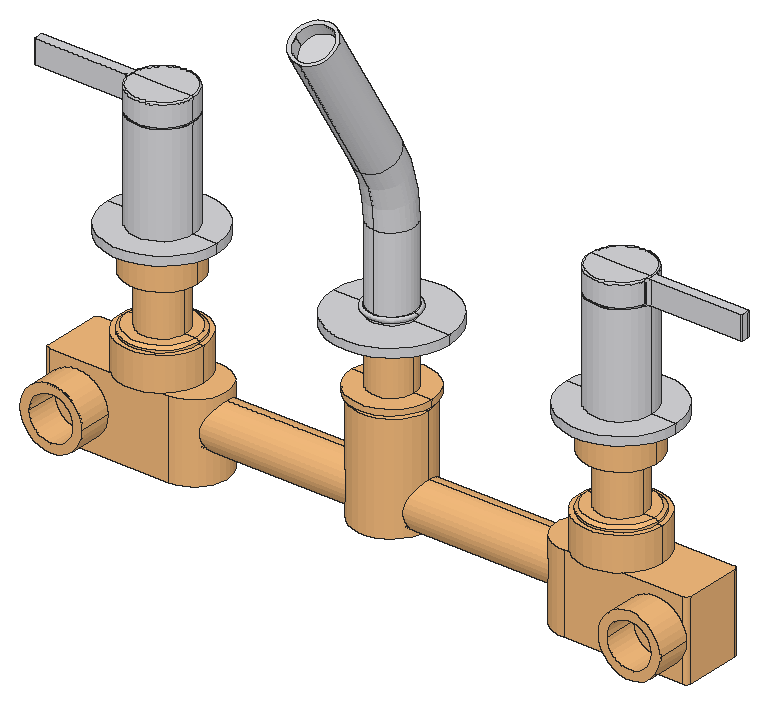
Revit family "Faucet-Wall_Mount-Lavatory-KOHLER-STILLNESS-K-944T", category Plumbing Fixtures, host Face, Revit 2017
Family settings
  Host = Face
  Round Connector Dimension = Use Diameter
  Part Type = Normal
  OmniClass Number = 23.31.11.00
  OmniClass Title = Faucets
  Cut with Voids When Loaded = No
  Shared = No
  Room Calculation Point = No
Parameters (values of type "CP-Polished Chrome")
  Width = Faucet Hole Spacing  # 7 7/8"
  WaterSense Certified = 1 = 0  # no
  Waste Water Outlet = "Waste Water Outlet"  # constant formula
  Waste Connection = 1 = 0  # no
  Vent Connection = 1 = 0  # no
  URL = "http://www.kohler.com.cn/"
  Type = 1
  Spout Reach = 5 1/16"  # constant formula
  Product Page URL = "https://www.kohler.com.cn/product/K-944T-4-CP/K-944T-4-CP/"
  Product Name = "STILLNESS"  # constant formula
  Product Documentation Link = "https://files.kohler.com.cn/pdfs/944T.pdf"
  Pressure = 0.00 psi
  Model = "K-944T-4-CP"  # constant formula
  Material = "Premium Metal Construction"  # constant formula
  Master Format 2014 Name = "Residential Faucets, Supplies, and Trim"  # constant formula
  Master Format 2014 = "22 41 39"  # constant formula
  Manufacturer Address = "Kohler Beijing Office (100016) 36-2-03-B, No. 88, Liuxiang Road, Beijing"  # constant formula
  Manufacturer = "KOHLER Co."  # constant formula
  Length = Spout Reach  # 5 1/16"
  Hot Water Inlet = "Hot Water Inlet"  # constant formula
  Height = 2.6378"  # constant formula
  Handle Clearance = 2 1/8"  # constant formula
  HW Connection = 1 = 1  # yes
  Flow Rate = 0 GPM
  Finish = Kohler-Metal-CP-Polished_Chrome
  Faucet Hole Spacing = 7 7/8"  # constant formula
  Environmental Product Declaration = ""
  Drain Included = 1 = 1  # yes
  Description = "Wall Spout Basin Faucet"  # constant formula
  Default Elevation = 36"
  Declare Label = ""
  Date Modified = "02/24/2021"  # constant formula
  Date Created = "02/24/2021"  # constant formula
  Copyright = "Copyright KOHLER Co."  # constant formula
  Contact Us = "http://www.kohler.com.cn/contact/contact-us/"
  Cold Water Inlet = "Cold Water Inlet"  # constant formula
  CW Connection = 1 = 1  # yes
  Assembly Code = "D2010"
  ADA Compliant = 1 = 0  # no
Reference planes (in)
  plane 1 "Center (Front/Back)": y = 0
  plane 2: z = 0
  plane 3 "Center (Left/Right)": x = 0
  plane 4: x = -4.96063
  plane 5: x = 4.96063
  plane 6: x = -3.93701
  plane 7: z = -2.74648
  plane 8: z = -3.41442
  plane 9: x = -2.99674
  plane 10: x = -3.22855
  plane 11: x = -3.40719
  plane 12: x = -4.46682
  plane 13: x = -4.64546
  plane 14: x = -4.87728
  plane 15: z = 1.56935
  plane 16: z = 2.27063
  plane 17: z = 0.14998
  plane 18: x = 0.62996
  plane 19: x = 0.995
  plane 20: x = -0.995
  plane 21: x = -0.62996
  plane 22: z = 0
  plane 23: z = 5.21391
  plane 24: x = -0.37477
  plane 25: x = 0.37477
  plane 26: x = 2.99674
  plane 27: x = 3.22855
  plane 28: x = 3.40719
  plane 29: x = 4.46682
  plane 30: x = 4.64546
  plane 31: x = 4.87728
  plane 32: x = -5.5116
  plane 33: x = 5.5116
  plane 34: y = -1.65354
  plane 35: y = -2.0075
  plane 36: y = -0.99734
  plane 37: y = -0.52982
  plane 38: y = 0.52982
  plane 39: y = 0.98425
  plane 40: y = -1.10236
  plane 41: y = 0.94007
  plane 42: y = -0.94007
  plane 43: x = 3.93799
  plane 44: x = 6.06299
  plane 45: x = -6.06201
  plane 46: z = 5.0625
Forms (in)
  Extrusion 1, void
    sketch origin (0, -0.15133, 0) x (1, 0, 0) y (0, 1, 0)
      loop
        line (-5.54623, 1.13824) -> (-5.54623, -1.1143) -> (5.64045, -1.1143) -> (5.64045, 1.13824) -> (-5.54623, 1.13824)
    from -3.41442 to -1.25254
  Extrusion 2, void
    sketch origin (0, 0, 0) x (1, 0, 0) y (0, 1, 0)
      loop
        circle (-3.93701, 0) r 0.75
      loop
        circle (-0.00681, 0) r 0.62931
      loop
        circle (3.93701, 0) r 0.75
    from -1.45669 to 0
Dimensions and locks (in)
  "Handle Clearance": plane 43 to plane 44
  "Handle Clearance": plane 6 to plane 45
  "Spout Reach": level to plane 46
  "Width": plane 6 to plane 43
  "Height": plane 39 to plane 34
  aligned and locked: plane 2 to host face
  aligned and locked: level to host face
Automatic sketch dimensions
  host sketch curve to host sketch curve = 96"  (x2)
  plane 32 to Extrusion 1 sketch curve = 0.03463"
  plane 33 to Extrusion 1 sketch curve = 0.12885"
  plane 40 to Extrusion 1 sketch curve = 0.16326"
  plane 39 to Extrusion 1 sketch curve = 0.00266"
  plane 1 "Center (Front/Back)" to Extrusion 2 sketch curve = 0"  (x3)
  Extrusion 2 sketch curve to plane 6 = 0"
  Extrusion 2 sketch curve to plane 3 "Center (Left/Right)" = 0.00681"
  Extrusion 2 sketch curve to plane 28 = 0.52982"
  radius of Extrusion 2 sketch curve = 3/4"  (x2)
  radius of Extrusion 2 sketch curve = 0.62931"
Nested families (in)
  nested 1: "K-944T" at (0, 0, -3.41442), type "K-944T"
Connectors (in)
  piping at (-4.96246, -1.10236, -2.74648), diameter 0.5, driven by "HW Connection", driven by "Hot Water Inlet"
    settings: on nested 1, index 1, connector inside diameter 24", connector length 0", flow factor 0, pipe flow 0 GPM, pressure drop 0.00 psi, fitting loss kfactor 0, connector angle 0.00°, fixture units 0, engagement length 0", angle of deflection 0.00°, flow configuration 0, flow direction 1, fitting loss method 0, system type 19, joint type 0, gender type 0, connector reference index -1, connector utility 1, adjustable connector no, is connector primary yes, connector description "Hot Water Inlet"
  piping at (4.96246, -1.10236, -2.74648), diameter 0.5, driven by "CW Connection", driven by "Cold Water Inlet"
    settings: on nested 1, index 2, connector inside diameter 24", connector length 0", flow factor 0, pipe flow 0 GPM, pressure drop 0.00 psi, fitting loss kfactor 0, connector angle 0.00°, fixture units 0, engagement length 0", angle of deflection 0.00°, flow configuration 0, flow direction 1, fitting loss method 0, system type 20, joint type 0, gender type 0, connector reference index -1, connector utility 1, adjustable connector no, is connector primary no, connector description "Cold Water Inlet"
Definition of nested family "K-944T"
  Parameters (values of type "K-944T")
    Material = none
  Reference planes (in)
    plane 1 "Center (Front/Back)": y = 0
    plane 2: z = 0
    plane 3 "Center (Left/Right)": x = 0
    plane 4: x = -3.93701
    plane 5: z = 4.98377
    plane 6: z = 0.66794
    plane 7: y = 0.99734
    plane 8: z = 8.45379
    plane 9: y = -1.65354
    plane 10: y = 0.52982
    plane 11: y = 0.99734
    plane 12: y = 0.52982
    plane 13: y = -0.99734
    plane 14: y = -0.52982
    plane 15: y = -1.10236
    plane 16: y = -2.0075
    plane 17: z = 3.41442
    plane 18: z = 3.56439
    plane 19: x = 4.64546
    plane 20: x = 3.93701
    plane 21: x = 3.22855
    plane 22: x = 4.87728
    plane 23: x = 4.46682
    plane 24: x = 2.99674
    plane 25: x = 3.40719
    plane 26: x = 6.06701
    plane 27: z = 5.68505
    plane 28: x = -4.64546
    plane 29: x = -3.22855
    plane 30: x = -4.87728
    plane 31: x = -4.46682
    plane 32: x = -2.99674
    plane 33: x = -3.40719
    plane 34: x = -6.06701
    plane 35: x = 0.62996
    plane 36: x = 0.995
    plane 37: x = -0.62996
    plane 38: x = -0.995
    plane 39: x = 0.37477
    plane 40: x = -0.37477
    plane 41: z = 8.62833
    plane 42: y = 0.94007
    plane 43: y = -0.94007
  Forms (in)
    Sweep 1, solid
      path origin (0, 0, 0) x (-1, 0, 0) y (0, 0, 1)
        loop
          line (-3.11863, 0.82431) -> (3.26301, 0.82431)
      profile origin (-0.07219, 0, 0.82431) x (0, 0, 1) y (0, 1, 0)
        loop
          circle (0, 0) r 0.3937
    Extrusion 2, solid, detail levels medium+fine
      sketch origin (0, 0, 0) x (-1, 0, 0) y (0, -1, 0)
        loop
          arc (-3.38583, -0.55118) -> (-2.83465, 0) -> (-3.38583, 0.55118) r 0.55118
          line (-3.38583, 0.55118) -> (-5.43325, 0.55118)
          arc (-5.43325, 0.55118) -> (-5.4888, 0.52817) -> (-5.51181, 0.47262) r 0.07856
          line (-5.51181, 0.47262) -> (-5.51181, -0.47503)
          arc (-5.51181, -0.47503) -> (-5.48951, -0.52888) -> (-5.43566, -0.55118) r 0.07615
          line (-5.43566, -0.55118) -> (-3.38583, -0.55118)
      from 0 to 1.33858
    Extrusion 3, solid, detail levels medium+fine
      sketch origin (0, 0, 0) x (1, 0, 0) y (0, 1, 0)
        loop
          line (-3.38583, 0.55118) -> (-5.43566, 0.55118)
          arc (-5.43566, 0.55118) -> (-5.48951, 0.52888) -> (-5.51181, 0.47503) r 0.07615
          line (-5.51181, 0.47503) -> (-5.51181, -0.47262)
          arc (-5.51181, -0.47262) -> (-5.4888, -0.52817) -> (-5.43325, -0.55118) r 0.07856
          line (-5.43325, -0.55118) -> (-3.38583, -0.55118)
          arc (-3.38583, -0.55118) -> (-2.83465, 0) -> (-3.38583, 0.55118) r 0.55118
      from 0 to 1.33858
    Revolve 4, solid, detail levels medium+fine
      sketch origin (0, 0, 0) x (-1, 0, 0) y (0, 0, 1)
        loop
          line (0, 0.43307) -> (0, 3.41729) -> (-0.37477, 3.41729) -> (-0.37477, 2.45353) -> (-0.6825, 2.45353) -> (-0.6825, 2.35353) -> (-0.45935, 2.35353) -> (-0.45935, 2.26919) -> (-0.62996, 2.26919) -> (-0.62996, 0.43307) -> (0, 0.43307)
        axis (0, 3.41729) -> (0, 0.43307)
      angle from 0 to 360
    Revolve 5, solid, detail levels medium+fine
      sketch origin (0, 0, 0) x (1, 0, 0) y (0, 0, -1)
        loop
          line (-3.93701, -1.33858) -> (-3.93701, -3.41442) -> (-3.32201, -3.41442) -> (-3.32201, -2.83439) -> (-3.38379, -2.83439) -> (-3.41749, -2.80069) -> (-3.54331, -2.80069) -> (-3.54331, -1.9936) -> (-3.36415, -1.9936) -> (-3.30708, -1.94902) -> (-3.30708, -1.91486) -> (-3.22855, -1.91486) -> (-3.22855, -1.33858) -> (-3.93701, -1.33858)
        axis (-3.93701, -3.41442) -> (-3.93701, -1.33858)
      angle from 0 to 360
    Extrusion 6, solid, material <- "Material", detail levels medium+fine
      sketch origin (0, 0, 0) x (-1, 0, 0) y (0, 0, 1)
        loop
          line (4.05561, 0.23622) -> (3.8189, 0.23622)
          arc (3.8189, 0.23622) -> (3.76322, 0.21316) -> (3.74016, 0.15748) r 0.07874
          line (3.74016, 0.15748) -> (3.74016, 0.07874)
          arc (3.74016, 0.07874) -> (3.76322, 0.02306) -> (3.8189, 0) r 0.07874
          line (3.8189, 0) -> (4.05561, 0)
          arc (4.05561, 0) -> (4.11129, 0.02306) -> (4.13435, 0.07874) r 0.07874
          line (4.13435, 0.07874) -> (4.13435, 0.15748)
          arc (4.13435, 0.15748) -> (4.11129, 0.21316) -> (4.05561, 0.23622) r 0.07874
      from 0.40476 to 0.98425
    Extrusion 7, solid, detail levels medium+fine
      sketch origin (0, 0, 0) x (-1, 0, 0) y (0, 0, 1)
        loop
          circle (4.96246, 0.66794) r 0.3795
        loop
          circle (4.96246, 0.66794) r 0.52948
      from -1.10236 to -0.55118
    Extrusion 8, solid, detail levels medium+fine
      sketch origin (0, 0, 0) x (1, 0, 0) y (0, 0, -1)
        loop
          circle (4.96246, -0.66794) r 0.3795
        loop
          circle (4.96246, -0.66794) r 0.52948
      from -1.10236 to -0.55118
    Extrusion 9, solid, detail levels medium+fine
      sketch origin (0, 0, 0) x (1, 0, 0) y (0, 0, -1)
        loop
          arc (4.05561, -0.23622) -> (4.11129, -0.21316) -> (4.13435, -0.15748) r 0.07874
          line (4.13435, -0.15748) -> (4.13435, -0.07874)
          arc (4.13435, -0.07874) -> (4.11129, -0.02306) -> (4.05561, 0) r 0.07874
          line (4.05561, 0) -> (3.8189, 0)
          arc (3.8189, 0) -> (3.76322, -0.02306) -> (3.74016, -0.07874) r 0.07874
          line (3.74016, -0.07874) -> (3.74016, -0.15748)
          arc (3.74016, -0.15748) -> (3.76322, -0.21316) -> (3.8189, -0.23622) r 0.07874
          line (3.8189, -0.23622) -> (4.05561, -0.23622)
      from 0.40476 to 0.98425
    Extrusion 10, solid, detail levels medium+fine
      sketch origin (0, 0, 0) x (-1, 0, 0) y (0, 0, 1)
        loop
          line (4.05561, 0.23622) -> (3.8189, 0.23622)
          arc (3.8189, 0.23622) -> (3.76322, 0.21316) -> (3.74016, 0.15748) r 0.07874
          line (3.74016, 0.15748) -> (3.74016, 0.07874)
          arc (3.74016, 0.07874) -> (3.76322, 0.02306) -> (3.8189, 0) r 0.07874
          line (3.8189, 0) -> (4.05561, 0)
          arc (4.05561, 0) -> (4.11129, 0.02306) -> (4.13435, 0.07874) r 0.07874
          line (4.13435, 0.07874) -> (4.13435, 0.15748)
          arc (4.13435, 0.15748) -> (4.11129, 0.21316) -> (4.05561, 0.23622) r 0.07874
      from 0.40476 to 0.98425
    Extrusion 11, solid, detail levels coarse
      sketch origin (0, 0, 0) x (1, 0, 0) y (0, 1, 0)
        loop
          line (-5.51181, -0.00984) -> (-5.51181, -0.59843) -> (-3.43115, -0.59843)
          arc (-3.43115, -0.59843) -> (-2.82763, 0.00509) -> (-3.43115, 0.6086) r 0.60352
          line (-3.43115, 0.6086) -> (-5.51181, 0.6086) -> (-5.51181, -0.00984)
      from 0 to 1.38727
    Extrusion 12, solid, detail levels coarse
      sketch origin (0, 0, 0) x (-1, 0, 0) y (0, -1, 0)
        loop
          line (-5.51181, 0.00984) -> (-5.51181, -0.6086) -> (-3.43115, -0.6086)
          arc (-3.43115, -0.6086) -> (-2.82763, -0.00509) -> (-3.43115, 0.59843) r 0.60352
          line (-3.43115, 0.59843) -> (-5.51181, 0.59843) -> (-5.51181, 0.00984)
      from 0 to 1.38727
    Revolve 13, solid, detail levels coarse
      sketch origin (0, 0, 0) x (1, 0, 0) y (0, 0, 1)
        loop
          line (0, 0.41817) -> (0.69635, 0.41817) -> (0.69635, 2.48617) -> (0.41873, 2.48617) -> (0.41873, 3.41901) -> (0, 3.41901) -> (0, 0.41817)
        axis (0, 3.41901) -> (0, 0.41817)
      angle from 0 to 360
    Extrusion 14, solid, detail levels medium+fine
      sketch origin (0, 0, 0) x (1, 0, 0) y (0, 0, 1)
        loop
          circle (4.96063, 0.66794) r 0.12962
      from 0.55118 to 0.59843
    Extrusion 15, solid, detail levels medium+fine
      sketch origin (0, 0, 0) x (-1, 0, 0) y (0, 0, -1)
        loop
          circle (4.96063, -0.66794) r 0.12962
      from 0.55118 to 0.59843
    Revolve 16, solid, material <- "Material", detail levels medium+fine
      sketch origin (0, 0, 0) x (1, 0, 0) y (0, 0, -1)
        loop
          line (-3.93701, -3.4168) -> (-3.93701, -5.6841) -> (-3.42727, -5.6841)
          arc (-3.42727, -5.6841) -> (-3.41307, -5.67822) -> (-3.40719, -5.66403) r 0.02008
          line (-3.40719, -5.66403) -> (-3.40719, -5.30583)
          arc (-3.40719, -5.30583) -> (-3.4193, -5.29005) -> (-3.43826, -5.28407) r 0.03306
          line (-3.43826, -5.28407) -> (-3.40719, -5.28407) -> (-3.40719, -3.56827) -> (-2.99694, -3.56827) -> (-2.99694, -3.4168) -> (-3.93701, -3.4168)
        axis (-3.93701, -5.6841) -> (-3.93701, -3.4168)
      angle from 0 to 360
    Revolve 17, solid, material <- "Material", detail levels medium+fine
      sketch origin (0, 0, 0) x (1, 0, 0) y (0, 0, 1)
        loop
          line (0, 3.41729) -> (0.995, 3.41729) -> (0.995, 3.56728) -> (0, 3.56728) -> (0, 3.41729)
        axis (0, 3.56728) -> (0, 3.41729)
      angle from 0 to 360
    Revolve 18, solid, detail levels coarse
      sketch origin (0, 0, 0) x (1, 0, 0) y (0, 0, 1)
        loop
          line (-3.96145, 1.33858) -> (-3.96145, 3.41442) -> (-4.61003, 3.41442) -> (-4.61003, 2.71306) -> (-4.41318, 2.71306) -> (-4.41318, 2.05137) -> (-4.67878, 2.05137) -> (-4.67878, 1.33858) -> (-3.96145, 1.33858)
        axis (-3.96145, 3.41442) -> (-3.96145, 1.33858)
      angle from 0 to 360
    Extrusion 19, solid, detail levels coarse
      sketch origin (0, 0, 0) x (-1, 0, 0) y (0, 0, 1)
        loop
          circle (4.96246, 0.66794) r 0.52948
      from -1.10236 to -0.55118
    Extrusion 20, solid, detail levels coarse
      sketch origin (0, 0, 0) x (1, 0, 0) y (0, 0, -1)
        loop
          circle (4.96246, -0.66794) r 0.52948
      from -1.10236 to -0.55118
    Revolve 21, solid, detail levels medium+fine
      sketch origin (0, 0, 0) x (-1, 0, 0) y (0, 0, 1)
        loop
          line (-3.93701, 1.33858) -> (-3.22855, 1.33858) -> (-3.22855, 1.91486) -> (-3.30708, 1.91486) -> (-3.30708, 1.94902) -> (-3.36415, 1.9936) -> (-3.54331, 1.9936) -> (-3.54331, 2.80069) -> (-3.41749, 2.80069) -> (-3.38379, 2.83439) -> (-3.32201, 2.83439) -> (-3.32201, 3.41442) -> (-3.93701, 3.41442) -> (-3.93701, 1.33858)
        axis (-3.93701, 3.41442) -> (-3.93701, 1.33858)
      angle from 0 to 360
    Revolve 22, solid, material <- "Material", detail levels medium+fine
      sketch origin (0, 0, 0) x (-1, 0, 0) y (0, 0, 1)
        loop
          line (-3.93701, 3.41442) -> (-2.99694, 3.41442) -> (-2.99694, 3.56439) -> (-3.40719, 3.56439) -> (-3.40719, 5.28407) -> (-3.43826, 5.28407)
          arc (-3.43826, 5.28407) -> (-3.4193, 5.29005) -> (-3.40719, 5.30583) r 0.03306
          line (-3.40719, 5.30583) -> (-3.40719, 5.66403)
          arc (-3.40719, 5.66403) -> (-3.41307, 5.67822) -> (-3.42727, 5.6841) r 0.02008
          line (-3.42727, 5.6841) -> (-3.93701, 5.6841) -> (-3.93701, 3.41442)
        axis (-3.93701, 5.6841) -> (-3.93701, 3.41442)
      angle from 0 to 360
    Extrusion 23, solid, material <- "Material", detail levels medium+fine
      sketch origin (0, 0, 0) x (1, 0, 0) y (0, 1, 0)
        loop
          arc (-4.5104, -0.079) -> (-4.4718, -0.09295) -> (-4.45104, -0.12837) r 0.06038
          line (-4.45104, -0.12837) -> (-4.45104, 0.12837)
          arc (-4.45104, 0.12837) -> (-4.4718, 0.09295) -> (-4.5104, 0.079) r 0.06038
          line (-4.5104, 0.079) -> (-6.04702, 0.079)
          arc (-6.04702, 0.079) -> (-6.06115, 0.07315) -> (-6.06701, 0.05902) r 0.01998
          line (-6.06701, 0.05902) -> (-6.06701, -0.05839)
          arc (-6.06701, -0.05839) -> (-6.06097, -0.07296) -> (-6.0464, -0.079) r 0.02061
          line (-6.0464, -0.079) -> (-4.5104, -0.079)
      from 5.28407 to 5.68407
    Extrusion 24, solid, material <- "Material", detail levels medium+fine
      sketch origin (0, 0, 0) x (-1, 0, 0) y (0, -1, 0)
        loop
          line (-4.5104, 0.079) -> (-6.0464, 0.079)
          arc (-6.0464, 0.079) -> (-6.06097, 0.07296) -> (-6.06701, 0.05839) r 0.02061
          line (-6.06701, 0.05839) -> (-6.06701, -0.05902)
          arc (-6.06701, -0.05902) -> (-6.06115, -0.07315) -> (-6.04702, -0.079) r 0.01998
          line (-6.04702, -0.079) -> (-4.5104, -0.079)
          arc (-4.5104, -0.079) -> (-4.4718, -0.09295) -> (-4.45104, -0.12837) r 0.06038
          line (-4.45104, -0.12837) -> (-4.45104, 0.12837)
          arc (-4.45104, 0.12837) -> (-4.4718, 0.09295) -> (-4.5104, 0.079) r 0.06038
      from 5.28407 to 5.68407
    Revolve 25, solid, material <- "Material", detail levels medium+fine
      sketch origin (0, 0, 0) x (1, 0, 0) y (0, 0, 1)
        loop
          line (0, 3.56728) -> (0.37549, 3.56728) -> (0.37549, 3.63467) -> (0.40656, 3.63467)
          arc (0.40656, 3.63467) -> (0.44184, 3.67337) -> (0.40004, 3.70491) r 0.03542
          line (0.40004, 3.70491) -> (0, 3.70491) -> (0, 3.56728)
        axis (0, 3.70491) -> (0, 3.56728)
      angle from 0 to 360
    Sweep 26, solid, material <- "Material"
      path origin (0, 0, 0) x (0, 1, 0) y (0, 0, 1)
        loop
          line (0, 3.70491) -> (0, 4.99633)
          arc (0, 4.99633) -> (-0.08434, 5.61603) -> (-0.33121, 6.19065) r 2.3189
          line (-0.33121, 6.19065) -> (-1.67972, 8.43493)
      profile origin (0, 0, 4.35062) x (0, -1, 0) y (1, 0, 0)
        loop
          circle (0, 0) r 0.37549
    Revolve 27, solid, detail levels coarse
      sketch origin (0, 0, 0) x (-1, 0, 0) y (0, 0, 1)
        loop
          line (-3.96145, 1.33858) -> (-3.96145, 3.41442) -> (-4.61003, 3.41442) -> (-4.61003, 2.71306) -> (-4.41318, 2.71306) -> (-4.41318, 2.05137) -> (-4.67878, 2.05137) -> (-4.67878, 1.33858) -> (-3.96145, 1.33858)
        axis (-3.96145, 3.41442) -> (-3.96145, 1.33858)
      angle from 0 to 360
    Revolve 28, solid, material <- "Material", detail levels coarse
      sketch origin (0, 0, 0) x (1, 0, 0) y (0, 0, 1)
        loop
          line (-3.93701, 3.41442) -> (-3.93701, 5.73363) -> (-4.52756, 5.73363) -> (-4.52756, 3.56827) -> (-4.92126, 3.56827) -> (-4.92126, 3.41442) -> (-3.93701, 3.41442)
        axis (-3.93701, 3.41442) -> (-3.93701, 5.73363)
      angle from 0 to 360
    Revolve 29, solid, material <- "Material", detail levels coarse
      sketch origin (0, 0, 0) x (-1, 0, 0) y (0, 0, 1)
        loop
          line (-3.93701, 3.41442) -> (-3.93701, 5.73363) -> (-4.52756, 5.73363) -> (-4.52756, 3.56827) -> (-4.92126, 3.56827) -> (-4.92126, 3.41442) -> (-3.93701, 3.41442)
        axis (-3.93701, 3.41442) -> (-3.93701, 5.73363)
      angle from 0 to 360
    Extrusion 30, solid, material <- "Material", detail levels coarse
      sketch origin (0, 0, 0) x (1, 0, 0) y (0, 1, 0)
        loop
          line (-4.51342, 0.12431) -> (-6.08913, 0.12431) -> (-6.08913, -0.12846) -> (-4.51342, -0.12846) -> (-4.51342, 0.12431)
      from 5.28407 to 5.73363
    Extrusion 31, solid, material <- "Material", detail levels coarse
      sketch origin (0, 0, 0) x (-1, 0, 0) y (0, -1, 0)
        loop
          line (-4.51342, -0.12431) -> (-4.51342, 0.12846) -> (-6.08913, 0.12846) -> (-6.08913, -0.12431) -> (-4.51342, -0.12431)
      from 5.28407 to 5.73363
    Revolve 32, solid, material <- "Material", detail levels coarse
      sketch origin (0, 0, 0) x (1, 0, 0) y (0, 0, 1)
        loop
          line (-0.01419, 3.41729) -> (-0.01419, 3.71215) -> (-0.46211, 3.71215) -> (-0.46211, 3.61414) -> (-1.05266, 3.61414) -> (-1.05266, 3.41729) -> (-0.01419, 3.41729)
        axis (-0.01419, 3.71215) -> (-0.01419, 3.41729)
      angle from 0 to 360
    Extrusion 33, void
      sketch origin (0, 0.92555, 17.14614) x (1, 0, 0) y (0, -0.848048, -0.529919)
        loop
          circle (0.01057, 6.83313) r 0.31433
      from 5.52187 to 6.23224
  Cuts and joins
    joined: Extrusion 3, Extrusion 14, Extrusion 15
    Extrusion 33 cuts Sweep 26
  Lines and regions (in)
    Masking region 1
      outline origin (0, 0, 0) x (1, 0, 0) y (0, 0, 1)
        loop
          line (6.06623, 5.68505) -> (3.4072, 5.68505) -> (3.4072, 3.56439) -> (2.99693, 3.56439) -> (2.99693, 3.41442) -> (4.87728, 3.41442) -> (4.87728, 3.56439) -> (4.46682, 3.56439) -> (4.46682, 5.28398) -> (6.06623, 5.28398) -> (6.06623, 5.68505)
        loop
          line (-6.06623, 5.68505) -> (-6.06623, 5.28398) -> (-4.46682, 5.28398) -> (-4.46682, 3.56439) -> (-4.87728, 3.56439) -> (-4.87728, 3.41442) -> (-2.99693, 3.41442) -> (-2.99693, 3.56439) -> (-3.4072, 3.56439) -> (-3.4072, 5.68505) -> (-6.06623, 5.68505)
        loop
          spline (0.37549, 8.43493) -> (0.37228, 8.46018) -> (0.3627, 8.48499) -> (0.34691, 8.50894) -> (0.32518, 8.53163) -> (0.2979, 8.55266) -> (0.26551, 8.57168) -> (0.22858, 8.58836) -> (0.18775, 8.60242) -> (0.14369, 8.6136) -> (0.09718, 8.62174) -> (0.04901, 8.62667) -> (0, 8.62833)
          spline (0, 8.62833) -> (-0.04978, 8.62662) -> (-0.09868, 8.62153) -> (-0.14583, 8.61314) -> (-0.19042, 8.60161) -> (-0.23164, 8.58714) -> (-0.26877, 8.56998) -> (-0.30116, 8.55044) -> (-0.32823, 8.52886) -> (-0.34951, 8.50562) -> (-0.36462, 8.48113) -> (-0.37329, 8.45583) -> (-0.3756, 8.43015)
          line (-0.3756, 8.43015) -> (-0.3756, 3.70575) -> (-0.40856, 3.70575)
          arc (-0.40856, 3.70575) -> (-0.4441, 3.67021) -> (-0.40856, 3.63467) r 0.03554
          line (-0.40856, 3.63467) -> (-0.37549, 3.63467) -> (-0.37549, 3.56728) -> (-0.995, 3.56728) -> (-0.995, 3.41729) -> (0, 3.41729) -> (0.995, 3.41729) -> (0.995, 3.56728) -> (0.37549, 3.56728) -> (0.37549, 3.63467) -> (0.40856, 3.63467)
          arc (0.40856, 3.63467) -> (0.4441, 3.67021) -> (0.40856, 3.70575) r 0.03554
          line (0.40856, 3.70575) -> (0.3756, 3.70575) -> (0.3756, 8.43015)
    Masking region 2
      outline origin (0, 0, 0) x (0, 1, 0) y (0, 0, 1)
        loop
          line (0, 3.41442) -> (0.99734, 3.41442) -> (0.99734, 3.56786) -> (0.52981, 3.56786) -> (0.52981, 5.65671)
          arc (0.52981, 5.65671) -> (0.52647, 5.67531) -> (0.50981, 5.68423) r 0.02169
          line (0.50981, 5.68423) -> (0.28689, 5.68423)
          arc (0.28689, 5.68423) -> (0.18907, 5.98572) -> (0.0569, 6.27381) r 2.72502
          line (0.0569, 6.27381) -> (-1.35924, 8.63066) -> (-2.0075, 8.24116) -> (-0.60344, 5.90442)
          arc (-0.60344, 5.90442) -> (-0.54483, 5.79664) -> (-0.49567, 5.68423) r 1.42929
          arc (-0.49567, 5.68423) -> (-0.51745, 5.68284) -> (-0.52954, 5.66468) r 0.02459
          line (-0.52954, 5.66468) -> (-0.52954, 3.56786) -> (-0.99734, 3.56786) -> (-0.99734, 3.41442) -> (0, 3.41442)
    Masking region 3
      outline origin (0, 0, 0) x (0, 1, 0) y (0, 0, 1)
        loop
          line (-0.55118, 0) -> (0.99656, 0) -> (0.99656, 0.23622) -> (0.55113, 0.23622) -> (0.55113, 0.43307) -> (0.62996, 0.43307) -> (0.62996, 1.33858) -> (0.70846, 1.33858) -> (0.70846, 1.91486) -> (0.62992, 1.91486) -> (0.62992, 2.26919) -> (0.45935, 2.26919) -> (0.45935, 2.35353) -> (0.6825, 2.35353) -> (0.6825, 2.45353) -> (0.39345, 2.45353) -> (0.39345, 2.80069) -> (0.51952, 2.80069) -> (0.55322, 2.83439) -> (0.615, 2.83439) -> (0.615, 3.41442) -> (-0.615, 3.41442) -> (-0.615, 2.83439) -> (-0.55322, 2.83439) -> (-0.51952, 2.80069) -> (-0.39345, 2.80069) -> (-0.39345, 2.45353) -> (-0.6825, 2.45353) -> (-0.6825, 2.35353) -> (-0.45935, 2.35353) -> (-0.45935, 2.26919) -> (-0.62992, 2.26919) -> (-0.62992, 1.91486) -> (-0.70846, 1.91486) -> (-0.70846, 1.33858) -> (-0.62996, 1.33858) -> (-0.62996, 1.19618) -> (-1.10236, 1.19618) -> (-1.10236, 0.13846) -> (-0.55118, 0.13846) -> (-0.55118, 0)
    Masking region 4, detail levels medium+fine
      outline origin (0, 0, 0) x (1, 0, 0) y (0, 0, 1)
        loop
          line (2.83465, 0) -> (5.51181, 0) -> (5.51181, 1.33858) -> (4.64546, 1.33858) -> (4.64546, 1.91486) -> (4.56693, 1.91486) -> (4.56693, 1.94902) -> (4.50987, 1.9936) -> (4.3307, 1.9936) -> (4.3307, 2.80069) -> (4.45842, 2.80069) -> (4.49212, 2.83439) -> (4.55201, 2.83439) -> (4.55201, 3.41442) -> (3.93701, 3.41442) -> (3.32201, 3.41442) -> (3.32201, 2.83439) -> (3.38189, 2.83439) -> (3.41559, 2.80069) -> (3.54331, 2.80069) -> (3.54331, 1.9936) -> (3.36415, 1.9936) -> (3.30708, 1.94902) -> (3.30708, 1.91486) -> (3.22855, 1.91486) -> (3.22855, 1.33858) -> (2.83465, 1.33858) -> (2.83465, 1.2184) -> (0.62996, 1.2184) -> (0.62996, 2.2692) -> (0.45935, 2.2692) -> (0.45935, 2.3535) -> (0.68248, 2.3535) -> (0.68248, 2.45353) -> (0.37483, 2.45353) -> (0.37483, 3.41741) -> (-0.0016, 3.41741) -> (-0.37483, 3.41741) -> (-0.37483, 2.45353) -> (-0.68248, 2.45353) -> (-0.68248, 2.3535) -> (-0.45935, 2.3535) -> (-0.45935, 2.2692) -> (-0.62996, 2.2692) -> (-0.62996, 1.2184) -> (-2.83465, 1.2184) -> (-2.83465, 1.33858) -> (-3.22855, 1.33858) -> (-3.22855, 1.91486) -> (-3.30708, 1.91486) -> (-3.30708, 1.94902) -> (-3.36415, 1.9936) -> (-3.54331, 1.9936) -> (-3.54331, 2.80069) -> (-3.41559, 2.80069) -> (-3.38189, 2.83439) -> (-3.32201, 2.83439) -> (-3.32201, 3.41442) -> (-3.93701, 3.41442) -> (-4.55201, 3.41442) -> (-4.55201, 2.83439) -> (-4.49212, 2.83439) -> (-4.45842, 2.80069) -> (-4.3307, 2.80069) -> (-4.3307, 1.9936) -> (-4.50987, 1.9936) -> (-4.56693, 1.94902) -> (-4.56693, 1.91486) -> (-4.64546, 1.91486) -> (-4.64546, 1.33858) -> (-5.51181, 1.33858) -> (-5.51181, 0) -> (-2.83465, 0) -> (-2.83465, 0.43098) -> (0, 0.43098) -> (2.83465, 0.43098) -> (2.83465, 0)
    Masking region 5
      outline origin (0, 0, 0) x (1, 0, 0) y (0, 1, 0)
        loop
          arc (-2.99694, 0) -> (-3.89747, 0.93924) -> (-4.87375, 0.079) r 0.94007
          line (-4.87375, 0.079) -> (-6.04702, 0.079)
          arc (-6.04702, 0.079) -> (-6.06115, 0.07315) -> (-6.06701, 0.05902) r 0.01998
          line (-6.06701, 0.05902) -> (-6.06701, -0.05839)
          arc (-6.06701, -0.05839) -> (-6.06097, -0.07296) -> (-6.0464, -0.079) r 0.02061
          line (-6.0464, -0.079) -> (-4.87375, -0.079)
          arc (-4.87375, -0.079) -> (-3.89747, -0.93924) -> (-2.99694, 0) r 0.94007
        loop
          arc (2.99694, 0) -> (3.89747, -0.93924) -> (4.87375, -0.079) r 0.94007
          line (4.87375, -0.079) -> (6.0464, -0.079)
          arc (6.0464, -0.079) -> (6.06097, -0.07296) -> (6.06701, -0.05839) r 0.02061
          line (6.06701, -0.05839) -> (6.06701, 0.05902)
          arc (6.06701, 0.05902) -> (6.06115, 0.07315) -> (6.04702, 0.079) r 0.01998
          line (6.04702, 0.079) -> (4.87375, 0.079)
          arc (4.87375, 0.079) -> (3.89747, 0.93924) -> (2.99694, 0) r 0.94007
        loop
          arc (-0.995, 0) -> (-0.82572, -0.55516) -> (-0.37549, -0.92143) r 0.995
          line (-0.37549, -0.92143) -> (-0.37549, -1.67972)
          spline (-0.37549, -1.67972) -> (-0.37228, -1.72173) -> (-0.3627, -1.76302) -> (-0.34691, -1.80289) -> (-0.32518, -1.84065) -> (-0.2979, -1.87565) -> (-0.26551, -1.90731) -> (-0.22858, -1.93506) -> (-0.18775, -1.95845) -> (-0.14369, -1.97708) -> (-0.09718, -1.99061) -> (-0.04901, -1.99882) -> (0, -2.00158)
          spline (0, -2.00158) -> (0.04901, -1.99882) -> (0.09718, -1.99061) -> (0.14369, -1.97708) -> (0.18775, -1.95845) -> (0.22858, -1.93506) -> (0.26551, -1.90731) -> (0.2979, -1.87565) -> (0.32518, -1.84065) -> (0.34691, -1.80289) -> (0.3627, -1.76302) -> (0.37228, -1.72173) -> (0.37549, -1.67972)
          line (0.37549, -1.67972) -> (0.37549, -0.92143)
          arc (0.37549, -0.92143) -> (0.82572, -0.55516) -> (0.995, 0) r 0.995
          arc (0.995, 0) -> (0, 0.995) -> (-0.995, 0) r 0.995
    symbolic lines, detail levels medium+fine
      curve 1: arc (3.8189, 0, 0) -> (3.76322, 0, 0.02306) -> (3.74016, 0, 0.07874) r 0.07874
      curve 2: arc (3.74016, 0, 0.15748) -> (3.76322, 0, 0.21316) -> (3.8189, 0, 0.23622) r 0.07874
      curve 3: line (3.74016, 0, 0.15748) -> (3.74016, 0, 0.07874)
      curve 4: line (4.05561, 0, 0.23622) -> (3.8189, 0, 0.23622)
      curve 5: arc (4.05561, 0, 0.23622) -> (4.11129, 0, 0.21316) -> (4.13435, 0, 0.15748) r 0.07874
      curve 6: arc (4.13435, 0, 0.07874) -> (4.11129, 0, 0.02306) -> (4.05561, 0, 0) r 0.07874
      curve 7: line (4.13435, 0, 0.07874) -> (4.13435, 0, 0.15748)
      curve 8: arc (-3.8189, 0, 0) -> (-3.76322, 0, 0.02306) -> (-3.74016, 0, 0.07874) r 0.07874
      curve 9: arc (-3.74016, 0, 0.15748) -> (-3.76322, 0, 0.21316) -> (-3.8189, 0, 0.23622) r 0.07874
      curve 10: line (-3.74016, 0, 0.15748) -> (-3.74016, 0, 0.07874)
      curve 11: line (-4.05561, 0, 0.23622) -> (-3.8189, 0, 0.23622)
      curve 12: arc (-4.05561, 0, 0.23622) -> (-4.11129, 0, 0.21316) -> (-4.13435, 0, 0.15748) r 0.07874
      curve 13: arc (-4.13435, 0, 0.07874) -> (-4.11129, 0, 0.02306) -> (-4.05561, 0, 0) r 0.07874
      curve 14: line (-4.13435, 0, 0.07874) -> (-4.13435, 0, 0.15748)
      curve 15: line (0, 0.55118, 0) -> (0, 0.55118, 1.33858)
      curve 16: line (0, 0.55118, 1.33858) -> (0, -0.55118, 1.33858)
      curve 17: line (0, -0.55118, 0.13846) -> (0, -0.55118, 1.33858)
      curve 18: line (0, -0.62996, 1.19618) -> (0, -0.55118, 1.19618)
      curve 19: line (0, -0.62992, 1.33858) -> (0, -0.55118, 1.33858)
      curve 20: line (0, 0.55118, 1.33858) -> (0, 0.62992, 1.33858)
      curve 29: arc (-4.46682, 0, 0) -> (-3.93701, 0.52982, 0) -> (-3.40719, 0, 0) r 0.52982
      curve 30: arc (-3.40719, 0, 0) -> (-3.93701, -0.52982, 0) -> (-4.46682, 0, 0) r 0.52982
      curve 31: line (-4.5104, 0.079, 0) -> (-6.04702, 0.079, 0)
      curve 32: line (-6.0464, -0.079, 0) -> (-4.5104, -0.079, 0)
      curve 33: arc (-4.5104, -0.079, 0) -> (-4.4718, -0.09295, 0) -> (-4.45104, -0.12837, 0) r 0.06038
      curve 34: arc (-4.45104, 0.12837, 0) -> (-4.4718, 0.09295, 0) -> (-4.5104, 0.079, 0) r 0.06038
      curve 35: spline (0, -1.35786, 0) -> (-0.04901, -1.36061, 0) -> (-0.09718, -1.36883, 0) -> (-0.14369, -1.38236, 0) -> (-0.18775, -1.40098, 0) -> (-0.22858, -1.42437, 0) -> (-0.26551, -1.45213, 0) -> (-0.2979, -1.48378, 0) -> (-0.32518, -1.51879, 0) -> (-0.34691, -1.55655, 0) -> (-0.3627, -1.59641, 0) -> (-0.37228, -1.63771, 0) -> (-0.37549, -1.67972, 0)
      curve 36: spline (0.37549, -1.67972, 0) -> (0.37228, -1.63771, 0) -> (0.3627, -1.59641, 0) -> (0.34691, -1.55655, 0) -> (0.32518, -1.51879, 0) -> (0.2979, -1.48378, 0) -> (0.26551, -1.45213, 0) -> (0.22858, -1.42437, 0) -> (0.18775, -1.40098, 0) -> (0.14369, -1.38236, 0) -> (0.09718, -1.36883, 0) -> (0.04901, -1.36061, 0) -> (0, -1.35786, 0)
      curve 37: line (-0.37549, -0.92143, 0) -> (-0.37549, 0, 0)
      curve 38: line (0.37549, -0.92143, 0) -> (0.37549, 0, 0)
      curve 39: arc (-0.37549, 0, 0) -> (-0.26551, 0.26551, 0) -> (0, 0.37549, 0) r 0.37549
      curve 40: arc (0, 0.37549, 0) -> (0.26551, 0.26551, 0) -> (0.37549, 0, 0) r 0.37549
      curve 41: arc (-0.37549, -0.13799, 0) -> (0, 0.40004, 0) -> (0.37549, -0.13799, 0) r 0.40004
      curve 42: arc (-0.37549, -0.23347, 0) -> (-0.38648, 0.21479, 0) -> (0, 0.44216, 0) r 0.44216
      curve 43: arc (0.37549, -0.23347, 0) -> (0.38648, 0.21479, 0) -> (0, 0.44216, 0) r 0.44216
      curve 44: arc (4.46682, 0, 0) -> (3.93701, 0.52982, 0) -> (3.40719, 0, 0) r 0.52982
      curve 45: arc (3.40719, 0, 0) -> (3.93701, -0.52982, 0) -> (4.46682, 0, 0) r 0.52982
      curve 46: line (4.5104, 0.079, 0) -> (6.04702, 0.079, 0)
      curve 47: line (6.0464, -0.079, 0) -> (4.5104, -0.079, 0)
      curve 48: arc (4.5104, -0.079, 0) -> (4.4718, -0.09295, 0) -> (4.45104, -0.12837, 0) r 0.06038
      curve 49: arc (4.45104, 0.12837, 0) -> (4.4718, 0.09295, 0) -> (4.5104, 0.079, 0) r 0.06038
      curve 50: line (4.64546, 0, 1.33858) -> (3.22855, 0, 1.33858)
      curve 51: line (4.64546, 0, 1.91486) -> (3.22855, 0, 1.91486)
      curve 52: line (4.50987, 0, 1.9936) -> (3.36415, 0, 1.9936)
      curve 53: line (4.56693, 0, 1.94902) -> (3.30708, 0, 1.94902)
      curve 54: line (4.45652, 0, 2.80069) -> (3.41749, 0, 2.80069)
      curve 55: line (4.55201, 0, 2.83439) -> (3.32201, 0, 2.83439)
      curve 56: line (4.87708, 0, 3.56439) -> (2.99694, 0, 3.56439)
      curve 57: line (4.46334, 0, 5.28407) -> (3.40719, 0, 5.28407)
      curve 58: line (4.46334, 0, 5.28407) -> (3.40719, 0, 5.28407)
      curve 59: line (4.46334, 0, 5.68407) -> (4.46334, 0, 5.28407)
      curve 60: line (0.62996, 0, 1.2184) -> (-0.62996, 0, 1.2184)
      curve 61: line (-0.62996, 0, 2.26919) -> (0.62996, 0, 2.26919)
      curve 62: line (-0.6825, 0, 2.35353) -> (0.6825, 0, 2.35353)
      curve 63: line (-0.6825, 0, 2.45353) -> (0.6825, 0, 2.45353)
      curve 64: line (0.995, 0, 3.41729) -> (-0.995, 0, 3.41729)
      curve 65: line (0.995, 0, 3.56728) -> (-0.995, 0, 3.56728)
      curve 66: line (0.40656, 0, 3.63467) -> (-0.40656, 0, 3.63467)
      curve 67: line (0.40004, 0, 3.70491) -> (-0.40004, 0, 3.70491)
      curve 68: line (-4.64546, 0, 1.33858) -> (-3.22855, 0, 1.33858)
      curve 69: line (-4.64546, 0, 1.91486) -> (-3.22855, 0, 1.91486)
      curve 70: line (-4.50987, 0, 1.9936) -> (-3.36415, 0, 1.9936)
      curve 71: line (-4.56693, 0, 1.94902) -> (-3.30708, 0, 1.94902)
      curve 72: line (-4.45652, 0, 2.80069) -> (-3.41749, 0, 2.80069)
      curve 73: line (-4.55201, 0, 2.83439) -> (-3.32201, 0, 2.83439)
      curve 74: line (-4.87708, 0, 3.56439) -> (-2.99694, 0, 3.56439)
      curve 75: line (-4.46334, 0, 5.28407) -> (-3.40719, 0, 5.28407)
      curve 76: line (-4.46334, 0, 5.68407) -> (-4.46334, 0, 5.28407)
      curve 77: line (0, 0.28693, 5.68407) -> (0, -0.49561, 5.68407)
      curve 78: line (0, 0, 5.28407) -> (0, 0.52982, 5.28407)
      curve 79: line (0, -0.52982, 5.28407) -> (0, 0, 5.28407)
      curve 80: line (0, -0.12837, 5.28407) -> (0, -0.12837, 5.68407)
      curve 81: line (0, 0.12837, 5.28407) -> (0, 0.12837, 5.68407)
      curve 82: line (0, 0.079, 5.68407) -> (0, 0.079, 5.28407)
      curve 83: line (0, -0.079, 5.68407) -> (0, -0.079, 5.28407)
      curve 84: line (0, -0.52982, 5.30583) -> (0, -0.12837, 5.30583)
      curve 85: line (0, 0.12837, 5.30583) -> (0, 0.52982, 5.30583)
      curve 86: line (0, 0, 3.56827) -> (0, 0.94007, 3.56827)
      curve 87: line (0, -0.94007, 3.56827) -> (0, 0, 3.56827)
      curve 88: line (0, 0, 2.83439) -> (0, 0.615, 2.83439)
      curve 89: line (0, -0.615, 2.83439) -> (0, 0, 2.83439)
      curve 90: line (0, 0, 2.80069) -> (0, 0.51952, 2.80069)
      curve 91: line (0, -0.51952, 2.80069) -> (0, 0, 2.80069)
      curve 92: line (0, 0.39345, 2.35353) -> (0, 0.6825, 2.35353)
      curve 93: line (0, -0.6825, 2.35353) -> (0, -0.39345, 2.35353)
      curve 94: line (0, 0.39345, 2.45353) -> (0, 0.39345, 1.9936)
      curve 95: line (0, -0.39345, 2.45353) -> (0, -0.39345, 1.9936)
      curve 96: line (0, 0.39345, 2.26919) -> (0, 0.62996, 2.26919)
      curve 97: line (0, -0.62996, 2.26919) -> (0, -0.39345, 2.26919)
      curve 98: line (0, 0, 1.9936) -> (0, 0.57286, 1.9936)
      curve 99: line (0, -0.57286, 1.9936) -> (0, 0, 1.9936)
      curve 100: line (0, -0.70846, 1.91486) -> (0, 0, 1.91486)
      curve 101: line (0, 0, 1.91486) -> (0, 0.70846, 1.91486)
      curve 102: line (0, 0.57286, 1.9936) -> (0, 0.62992, 1.94902)
      curve 103: line (0, 0.62992, 1.94902) -> (0, -0.62992, 1.94902)
      curve 104: line (0, -0.62992, 1.94902) -> (0, -0.57286, 1.9936)
      curve 105: spline (0.01057, -1.95561, 0) -> (-0.07079, -1.94643, 0) -> (-0.14659, -1.91952, 0) -> (-0.21169, -1.8767, 0) -> (-0.26164, -1.8209, 0) -> (-0.29304, -1.75592, 0) -> (-0.30375, -1.68619, 0) -> (-0.29304, -1.61646, 0) -> (-0.26164, -1.55148, 0) -> (-0.21169, -1.49568, 0) -> (-0.14659, -1.45286, 0) -> (-0.07079, -1.42595, 0) -> (0.01057, -1.41677, 0)
      curve 106: spline (0.01057, -1.41668, 0) -> (0.09192, -1.42586, 0) -> (0.16772, -1.45278, 0) -> (0.23282, -1.49559, 0) -> (0.28277, -1.55139, 0) -> (0.31417, -1.61637, 0) -> (0.32488, -1.68611, 0) -> (0.31417, -1.75584, 0) -> (0.28277, -1.82082, 0) -> (0.23282, -1.87662, 0) -> (0.16772, -1.91943, 0) -> (0.09192, -1.94635, 0) -> (0.01057, -1.95553, 0)
      curve 107: spline (-0.29569, -1.62671, 0) -> (-0.27231, -1.68292, 0) -> (-0.23478, -1.73332, 0) -> (-0.18499, -1.77538, 0) -> (-0.12542, -1.80701, 0) -> (-0.05905, -1.82663, 0) -> (0.0108, -1.83325, 0) -> (0.08063, -1.82654, 0) -> (0.14697, -1.80684, 0) -> (0.20648, -1.77514, 0) -> (0.2562, -1.73301, 0) -> (0.29364, -1.68256, 0) -> (0.31692, -1.62633, 0)
      curve 108: arc (-2.83465, 0, 1.2184) -> (-2.99775, 0, 0.82469) -> (-2.83465, 0, 0.43098) r 0.55674
      curve 109: arc (-0.62996, 0, 1.2184) -> (-0.56402, 0, 0.82469) -> (-0.62996, 0, 0.43098) r 1.20826
      curve 110: arc (2.83465, 0, 1.2184) -> (2.99775, 0, 0.82469) -> (2.83465, 0, 0.43098) r 0.55674
      curve 111: arc (0.62996, 0, 1.2184) -> (0.56402, 0, 0.82469) -> (0.62996, 0, 0.43098) r 1.20826
    symbolic lines, detail levels coarse
      curve 21: line (0.21654, 0, 1.09345) -> (0.21654, 0, 0.94104)
      curve 22: line (-0.21654, 0, 1.09345) -> (-0.21654, 0, 0.94104)
      curve 23: line (0.21654, 0, 1.09345) -> (-0.21654, 0, 0.94104)
      curve 24: line (0.21654, 0, 0.94104) -> (-0.21654, 0, 1.09345)
      curve 25: line (0, 0, 1.01724) -> (0, 0, 0.82039)
      curve 26: line (0, 0, 0.82039) -> (0.15162, 0, 0.82039)
      curve 27: line (0, 0, 0.82039) -> (-0.15162, 0, 0.82039)
      curve 28: arc (0.15162, 0, 0.82039) -> (0, 0, 0.66878) -> (-0.15162, 0, 0.82039) r 0.15162
  Dimensions and locks (in)
    plane 8 to plane 17 = 5.03937"
    plane 1 "Center (Front/Back)" to plane 9 = 1.65354"
    aligned and locked: level to plane 2
